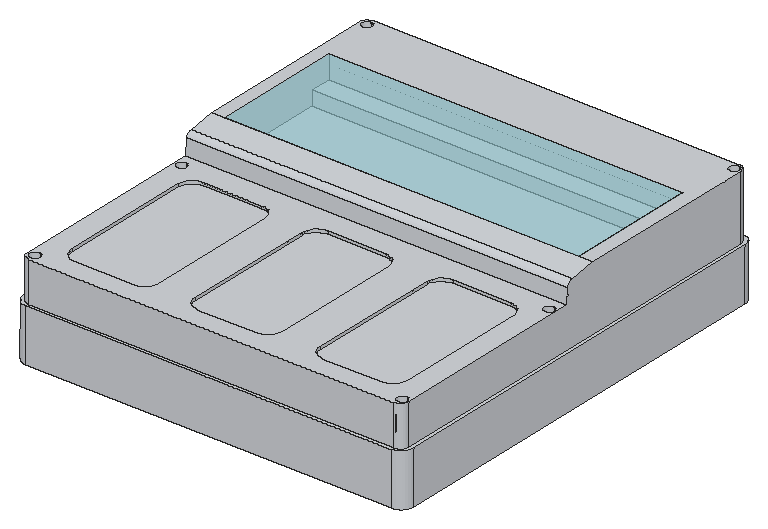
Revit family "Building-IEC309Connections-GEWISS-COMBIBLOC_BOARD_3SOCKETS", category Apparecchi elettrici, host Superficie, Revit 2019
Family settings
  Host = Superficie
  Mantenere orientamento annotazione = Sì
  Quota connettore circolare = Usa diametro
  Tipo di parte = Normale
  Taglio con vuoti quando caricato = No
  Condiviso = No
  Punto di calcolo locali = Sì
Parameters (values of type "GW66493 - BOARD IP55 EMPTY VERT. COMBIBLOC 3 SOCK")
  simbolo 2d [instance] = yes
  Version type = "Empty"
  Version file RFA = "21.10"
  URL = "https://www.gewiss.com/ww/en"
  Thermo-pressure with ball = "70 °C"
  Technical sheet = "https://www.gewiss.com/ww/en/search?q=GW66493"
  Spostamento_effettivo_S [instance] = 4000 mm - Spostamento_S  # 2580 mm
  Spostamento_S = 1420 mm
  Shock resistance = "IK08"
  STRUTTURA ALTA = Poche
  STRUTTURA = RAL - 7035
  SEO = "Board"
  Realized by GEWISS S.p.A. = ""
  Default Elevation = 1219.2 mm
  Produttore = "GEWISS S.p.A."
  Operating temperature: = "-25 +40 °C"
  No. of modules EN 50022 = "12"
  No. of blank lids supplied = "1"
  No. IB socket-outlets houseable = "3 COMBIBLOC 16/32A"
  Modello = "GW66493"
  Insulation class = "II"
  Installation type = "Surface-mounting"
  IP degree = "IP55"
  IDT = "14a8f57f4a104a09a3fed701f6578634"
  IDF = "5f890127-ffbf-4abf-830a-50b9472b66e7"
  Glow wire test: = "Empty"
  Glow Wire Test = "650°C"
  For socket-outlets = "Compact"
  Electrocod = "0321"
  Dispersible power (W) = "24"
  Descrizione = "BOARD IP55 EMPTY VERT. COMBIBLOC 3 SOCK"
  Colour = "Grey RAL 7035"
  Catalogue = "BUILDING"
  COBie.Tagnumber = ""
  COBie.CreatedOn = ""
  COBie.CreatebBy = ""
  COBie.ComponentRegisterItemID = ""
  COBie.Component.TagNumber = ""
  COBie.Component.Space = ""
  COBie.Component.SerialNumber = ""
  COBie.Component.InstallationDate = ""
  COBie.Component.Description = ""
  COBie.Component.BarCode = ""
  Accordance with Standards = "EN 62208"
  Accessories supplied = "70 °C"
Reference planes
  plane 1 "Centro (Fronte/Retro)": y = 0
  plane 2: z = 0
  plane 3 "Centro (Sinistra/Destra)": x = 0
  plane 4: x = -3000
  plane 5: x = -420
Forms (mm)
  Extrusion 1, solid, detail levels coarse
    sketch origin (0, 0, 0) x (1, 0, 0) y (0, 1, 0)
      loop
        line (0, 359.912) -> (0, 0) -> (320, 0) -> (320, 359.912) -> (0, 359.912)
    from 0 to 96
Lines and regions (mm)
  symbolic lines
    curve 1: line (2.511, 0, 105.105) -> (317.489, 0, 105.105)
    curve 2: line (2.511, 0, 81.105) -> (2.511, 0, 105.105)
    curve 3: line (317.489, 0, 81.105) -> (2.511, 0, 81.105)
    curve 4: line (317.489, 0, 105.105) -> (317.489, 0, 81.105)
    curve 5: line (0, 0, 81.105) -> (320, 0, 81.105)
    curve 6: line (0, 0, 0) -> (0, 0, 81.105)
    curve 7: line (320, 0, 0) -> (0, 0, 0)
    curve 8: line (320, 0, 81.105) -> (320, 0, 0)
Dimensions and locks
  plane 4 to plane 3 "Centro (Sinistra/Destra)" = 3000 mm
  "Spostamento_effettivo_S": plane 4 to plane 5
  aligned and locked: plane 2 to host face
  aligned and locked: level to host face
  aligned and locked: plane 1 "Centro (Fronte/Retro)" to nested 2
  aligned and locked: plane 3 "Centro (Sinistra/Destra)" to nested 2
  aligned and locked: Extrusion 1 sketch curve to nested 2  (x2)
  aligned and locked: Extrusion 1 to nested 2  (x3)
  aligned and locked: nested 2 to host face
  aligned and locked: nested 1 to plane 5
  aligned and locked: plane 3 "Centro (Sinistra/Destra)" to import instance
  aligned and locked: plane 1 "Centro (Fronte/Retro)" to import instance
Automatic sketch dimensions
  host sketch curve to host sketch curve = 2438.4 mm  (x2)
  plane 3 "Centro (Sinistra/Destra)" to Extrusion 1 sketch curve = 320 mm
  Extrusion 1 sketch curve to plane 1 "Centro (Fronte/Retro)" = 359.912 mm
  curve 7 to level = 0 mm
  curve 7 to plane 3 "Centro (Sinistra/Destra)" = 0 mm
  plane 3 "Centro (Sinistra/Destra)" to curve 3 = 2.511 mm
  level to curve 1 = 105.105 mm
  curve 1 to curve 1 = 314.977 mm
  curve 3 to curve 7 = 2.511 mm
  curve 2 to curve 1 = 24 mm
  curve 8 to curve 3 = 0 mm
Nested families
  nested 1: "simb_CENTRALINO_BASE_cad pro" at (-420, 737.795, 0), visible <- "simbolo 2d", type "simb_CENTRALINO_BASE_cad pro"
    with Distanza dal muro 0.1 mm
  nested 2: "IB QUADRETTI PER 3 PRESE IB COMPATTE_base" at (0, 0, -32.045), type "IB QUADRETTI PER 3 PRESE IB COMPATTE_base", detail levels medium+fine
Definition of nested family "IB QUADRETTI PER 3 PRESE IB COMPATTE_base"
  Parameters (values of type "IB QUADRETTI PER 3 PRESE IB COMPATTE_base")
    d_piano = 32.045 mm
    Vetro = none
    Struttura = none
    Spessore = 96 mm
    Default Elevation = 14 mm
    Presa = none
    Larghezza = 320 mm
    IFC.TypeObject = ""
    IFC.ExportType = ""
    IFC.ExportAs = ""
    COBie.CreatedOn = ""
    COBie.CreatebBy = ""
    COBie.ComponentRegisterItemID = ""
    COBie.Component.TagNumber = ""
    COBie.Component.Space = ""
    COBie.Component.SerialNumber = ""
    COBie.Component.InstallationDate = ""
    COBie.Component.Description = ""
    COBie.Component.BarCode = ""
    Altezza = 359.912 mm
  Reference planes
    plane 1 "Centro (Fronte/Retro)": y = 0
    plane 2: z = 0
    plane 3 "Centro (Sinistra/Destra)": x = 0
    plane 4: y = 410.827
    plane 5: x = 320
    plane 6: y = 356.291
    plane 7: x = 3.621
    plane 8: x = 316.379
    plane 9: y = 2.821
    plane 10: y = 359.912
    plane 11: z = 32.045
    plane 12: z = 75.045
    plane 13: z = 128.045
    plane 14: x = 14.621
    plane 15: x = 305.379
    plane 16: y = 151.272
    plane 17: y = 18.44
    plane 18: z = 108.045
    plane 19: z = 105.984
    plane 20: y = 349.892
    plane 21: x = 311.523
    plane 22: x = 10.03
    plane 23: y = 304.922
    plane 24: y = 198.075
    plane 25: z = 120.562
    plane 26: x = 23.077
    plane 27: x = 124.47
    plane 28: x = 94.819
    plane 29: x = 195.983
  Forms (mm)
    Extrusion 1, solid
      sketch origin (0, 0, 84.734) x (0, -1, 0) y (1, 0, 0)
        loop
          arc (-359.912, 10) -> (-356.983, 2.929) -> (-349.912, 0) r 10
          line (-349.912, 0) -> (-10, 0)
          arc (-10, 0) -> (-2.929, 2.929) -> (0, 10) r 10
          line (0, 10) -> (0, 310)
          arc (0, 310) -> (-2.929, 317.071) -> (-10, 320) r 10
          line (-10, 320) -> (-349.912, 320)
          arc (-349.912, 320) -> (-356.983, 317.071) -> (-359.912, 310) r 10
          line (-359.912, 310) -> (-359.912, 10)
      from -52.69 to -9.69
    Extrusion 2, solid
      sketch origin (0, 0, 84.734) x (0, -1, 0) y (1, 0, 0)
        loop
          arc (-356.291, 10.121) -> (-354.387, 5.525) -> (-349.791, 3.621) r 6.5
          line (-349.791, 3.621) -> (-9.277, 3.621)
          arc (-9.277, 3.621) -> (-4.712, 5.512) -> (-2.821, 10.077) r 6.456
          line (-2.821, 10.077) -> (-2.821, 309.879)
          arc (-2.821, 309.879) -> (-4.725, 314.475) -> (-9.321, 316.379) r 6.5
          line (-9.321, 316.379) -> (-349.791, 316.379)
          arc (-349.791, 316.379) -> (-354.387, 314.475) -> (-356.291, 309.879) r 6.5
          line (-356.291, 309.879) -> (-356.291, 10.121)
      from -9.69 to 43.31
    Extrusion 3, void
      sketch origin (0, 0, 0) x (0, 1, 0) y (0, 0, 1)
        loop
          line (198.075, 128.045) -> (198.075, 113.321) -> (203.222, 113.321) -> (220.76, 97.788) -> (286.916, 97.788) -> (287.014, 109.308) -> (304.922, 109.308) -> (304.922, 128.045) -> (198.075, 128.045)
      from 14.621 to 305.379
    Extrusion 4, void
      sketch origin (0, 0, 0) x (0, 1, 0) y (0, 0, 1)
        loop
          line (2.821, 128.045) -> (2.821, 108.045) -> (171.66, 108.045) -> (172.491, 120.424)
          arc (172.491, 120.424) -> (174.549, 123.144) -> (177.585, 124.698) r 7.643
          arc (177.585, 124.698) -> (187.758, 126.813) -> (198.075, 128.045) r 120.646
          line (198.075, 128.045) -> (2.821, 128.045)
      from 3.621 to 316.379
    Extrusion 5, void
      sketch origin (0, 0, 84.734) x (0, -1, 0) y (1, 0, 0)
        loop
          arc (-151.272, 35.069) -> (-147.76, 26.589) -> (-139.28, 23.077) r 11.992
          line (-139.28, 23.077) -> (-30.44, 23.077)
          arc (-30.44, 23.077) -> (-21.955, 26.592) -> (-18.44, 35.077) r 12
          line (-18.44, 35.077) -> (-18.44, 82.819)
          arc (-18.44, 82.819) -> (-21.955, 91.304) -> (-30.44, 94.819) r 12
          line (-30.44, 94.819) -> (-139.272, 94.819)
          arc (-139.272, 94.819) -> (-147.757, 91.304) -> (-151.272, 82.819) r 12
          line (-151.272, 82.819) -> (-151.272, 35.069)
        loop
          arc (-151.272, 136.462) -> (-147.76, 127.982) -> (-139.28, 124.47) r 11.992
          line (-139.28, 124.47) -> (-30.44, 124.47)
          arc (-30.44, 124.47) -> (-21.955, 127.984) -> (-18.44, 136.47) r 12
          line (-18.44, 136.47) -> (-18.44, 183.983)
          arc (-18.44, 183.983) -> (-21.955, 192.469) -> (-30.44, 195.983) r 12
          line (-30.44, 195.983) -> (-139.272, 195.983)
          arc (-139.272, 195.983) -> (-147.757, 192.469) -> (-151.272, 183.983) r 12
          line (-151.272, 183.983) -> (-151.272, 136.462)
        loop
          arc (-151.272, 239.081) -> (-147.76, 230.602) -> (-139.28, 227.09) r 11.992
          line (-139.28, 227.09) -> (-30.44, 227.09)
          arc (-30.44, 227.09) -> (-21.955, 230.604) -> (-18.44, 239.09) r 12
          line (-18.44, 239.09) -> (-18.44, 286.603)
          arc (-18.44, 286.603) -> (-21.955, 295.088) -> (-30.44, 298.603) r 12
          line (-30.44, 298.603) -> (-139.272, 298.603)
          arc (-139.272, 298.603) -> (-147.757, 295.088) -> (-151.272, 286.603) r 12
          line (-151.272, 286.603) -> (-151.272, 239.081)
      from 21.25 to 23.31
    Extrusion 6, void
      sketch origin (0, 0, 84.734) x (0, -1, 0) y (1, 0, 0)
        loop
          circle (-349.892, 10.03) r 4.143
        loop
          circle (-349.892, 311.523) r 4.143
        loop
          circle (-159.833, 10.03) r 4.143
        loop
          circle (-159.833, 311.523) r 4.143
        loop
          circle (-9.22, 311.523) r 4.318
        loop
          circle (-9.22, 10.03) r 4.318
      from 0 to 43.31
    Extrusion 7, solid, material <- "Vetro"
      sketch origin (0, 0, 84.734) x (0, -1, 0) y (1, 0, 0)
        loop
          line (-198.075, 14.621) -> (-198.075, 305.379) -> (-304.922, 305.379) -> (-304.922, 14.621) -> (-198.075, 14.621)
      from 35.828 to 43.31
  Cuts and joins
    Extrusion 3, Extrusion 4, Extrusion 5, Extrusion 6 cuts Extrusion 2
  Dimensions and locks
    locked: plane 10 to plane 6 at 3.621
    locked: plane 3 "Centro (Sinistra/Destra)" to plane 7 at 3.621
    locked: plane 8 to plane 5 at 3.621
    locked: plane 1 "Centro (Fronte/Retro)" to plane 9 at 2.821
    locked: plane 12 to plane 11 at 43
    locked: plane 13 to plane 12 at 53
    locked: plane 7 to plane 14 at 11
    locked: plane 15 to plane 8 at 11
    Extrusion 5 to plane 1 "Centro (Fronte/Retro)" = 151.272 mm
    locked: plane 19 to plane 18 at 2.06
    "d_piano": plane 11 to level
    locked: plane 24 to plane 23 at 106.848
    locked: plane 13 to plane 25 at 7.483
    "Larghezza": plane 3 "Centro (Sinistra/Destra)" to plane 5
    locked: plane 21 to plane 8 at 4.856
    plane 27 to plane 29 = 71.514 mm
    locked: plane 26 to plane 28 at 71.742
    locked: plane 27 to plane 29 at 71.514
    radius of Extrusion 1 sketch curve = 10 mm  (x4)
    radius of Extrusion 2 sketch curve = 6.5 mm  (x3)
    radius of Extrusion 5 sketch curve = 11.992 mm
    radius of Extrusion 5 sketch curve = 12 mm  (x3)
    aligned and locked: level to plane 2
    aligned and locked: Extrusion 1 sketch curve to plane 10
    aligned and locked: Extrusion 1 sketch curve to plane 3 "Centro (Sinistra/Destra)"
    aligned and locked: Extrusion 1 sketch curve to plane 5
    aligned and locked: Extrusion 1 sketch curve to plane 1 "Centro (Fronte/Retro)"
    aligned and locked: Extrusion 1 to plane 11
    aligned and locked: plane 12 to Extrusion 1
    aligned and locked: Extrusion 2 sketch curve to plane 6
    aligned and locked: Extrusion 2 sketch curve to plane 7
    aligned and locked: Extrusion 2 sketch curve to plane 8
    aligned and locked: Extrusion 2 sketch curve to plane 9
    aligned and locked: Extrusion 2 to plane 12
    aligned and locked: plane 13 to Extrusion 2
    aligned and locked: Extrusion 3 sketch curve to plane 13
    aligned and locked: Extrusion 4 sketch curve to plane 13
    aligned and locked: Extrusion 4 sketch curve to plane 9
    aligned and locked: plane 7 to Extrusion 4
    aligned and locked: Extrusion 4 to plane 8
    aligned and locked: plane 18 to Extrusion 4
    aligned and locked: Extrusion 5 to Extrusion 4
    aligned and locked: plane 19 to Extrusion 5
    aligned and locked: plane 20 to Extrusion 6 sketch curve
    aligned and locked: Extrusion 6 sketch curve to plane 20
    aligned and locked: plane 21 to Extrusion 6 sketch curve  (x3)
    aligned and locked: plane 22 to Extrusion 6 sketch curve
    aligned and locked: Extrusion 6 sketch curve to plane 22  (x2)
    aligned and locked: Extrusion 2 to Extrusion 6
    aligned and locked: plane 14 to Extrusion 3
    aligned and locked: Extrusion 3 to plane 15
    aligned and locked: plane 13 to Extrusion 7
    aligned and locked: Extrusion 7 to plane 25
    aligned and locked: plane 26 to Extrusion 5 sketch curve
    aligned and locked: plane 28 to Extrusion 5 sketch curve
    aligned and locked: plane 27 to Extrusion 5 sketch curve
    aligned and locked: plane 29 to Extrusion 5 sketch curve
    aligned and locked: Extrusion 5 sketch curve to plane 16
    aligned and locked: Extrusion 5 sketch curve to plane 17
  Automatic sketch dimensions
    plane 22 to Extrusion 2 sketch curve = 0.047 mm
    plane 16 to Extrusion 3 sketch curve = 46.803 mm
    Extrusion 3 sketch curve to Extrusion 3 sketch curve = 5.147 mm
    plane 19 to Extrusion 3 sketch curve = 8.196 mm
    Extrusion 3 sketch curve to Extrusion 3 sketch curve = 17.538 mm
    Extrusion 3 sketch curve to plane 20 = 62.976 mm
    Extrusion 3 sketch curve to plane 18 = 1.263 mm
    Extrusion 3 sketch curve to Extrusion 3 sketch curve = 0.098 mm
    Extrusion 3 sketch curve to Extrusion 3 sketch curve = 17.908 mm
    Extrusion 3 sketch curve to plane 18 = 5.276 mm
    plane 18 to Extrusion 4 sketch curve = 0 mm
    plane 16 to Extrusion 4 sketch curve = 20.387 mm
    Extrusion 4 sketch curve to plane 13 = 7.621 mm
    Extrusion 4 sketch curve to Extrusion 4 sketch curve = 0.831 mm
    Extrusion 4 sketch curve to Extrusion 4 sketch curve = 6.971 mm
    Extrusion 4 sketch curve to Extrusion 4 sketch curve = 18.613 mm
    level to Extrusion 4 sketch curve = 7.744 mm
    plane 16 to Extrusion 4 sketch curve = 55.931 mm
    Extrusion 4 sketch curve to Extrusion 4 sketch curve = 3.134 mm
    plane 16 to Extrusion 6 sketch curve = 8.561 mm  (x2)
    plane 9 to Extrusion 6 sketch curve = 6.399 mm  (x2)
    Extrusion 7 sketch curve to plane 14 = 0 mm
    Extrusion 7 sketch curve to plane 15 = 0 mm
    Extrusion 7 sketch curve to plane 23 = 0 mm
    Extrusion 7 sketch curve to plane 24 = 0 mm
    Extrusion 5 sketch curve to plane 16 = 0 mm
    plane 16 to Extrusion 5 sketch curve = 0 mm
    plane 17 to Extrusion 5 sketch curve = 0 mm
    Extrusion 5 sketch curve to plane 17 = 0 mm
    Extrusion 5 sketch curve to plane 16 = 11.992 mm
    Extrusion 5 sketch curve to Extrusion 5 sketch curve = 11.992 mm
    plane 15 to Extrusion 5 sketch curve = 6.776 mm
    Extrusion 5 sketch curve to plane 16 = 12 mm  (x2)
    plane 17 to Extrusion 5 sketch curve = 12 mm  (x4)
    plane 29 to Extrusion 5 sketch curve = 31.106 mm
    radius of Extrusion 6 sketch curve = 4.143 mm  (x4)
    radius of Extrusion 6 sketch curve = 4.318 mm  (x2)
Definition of nested family "simb_CENTRALINO_BASE_cad pro"
  Parameters (values of type "simb_CENTRALINO_BASE_cad pro")
    Distanza dal muro [instance] = 0 mm
  Reference planes
    plane 1: y = 0
    plane 2: x = 0
  Dimensions and locks
    "Distanza dal muro": plane 1 to nested 1
    aligned and locked: plane 2 to nested 1
  Nested families
    nested 1: "CENTRALINO_BASE_cad pro" at (0, 0, 0), type "CENTRALINO"
  Definition of nested family "CENTRALINO_BASE_cad pro"
    Parameters (values of type "CENTRALINO")
      Distanza dal muro = 0 mm
    Reference planes
      plane 1: y = 0
      plane 2: x = 0
    Lines and regions (mm)
      detail lines
        curve 1: line (1.33, 1.33, 0) -> (2.109, 1.33, 0)
        curve 2: line (2.109, 1.33, 0) -> (2.109, 0, 0)
        curve 3: line (2.109, 0, 0) -> (1.33, 0, 0)
        curve 4: line (1.33, 0, 0) -> (-1.33, 1.33, 0)
        curve 5: line (-1.33, 1.33, 0) -> (1.33, 1.33, 0)
        curve 6: line (1.33, 1.33, 0) -> (1.33, 0, 0)
        curve 7: line (1.33, 0, 0) -> (-1.33, 0, 0)
        curve 8: line (-1.33, 0, 0) -> (-1.33, 1.33, 0)
        curve 9: line (1.461, 0.665, 0) -> (1.977, 0.665, 0)
        curve 10: line (1.719, 0.665, 0) -> (1.719, 1.01, 0)
        curve 11: arc (1.977, 0.406, 0) -> (1.719, 0.665, 0) -> (1.461, 0.406, 0) r 0.258
